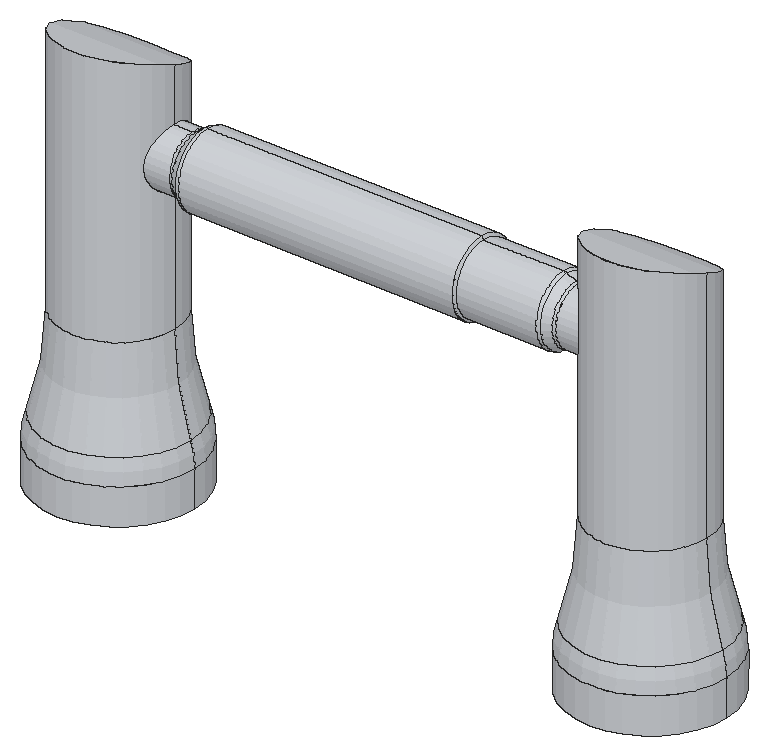
Revit family "Accessory-Tissue_Holder-KOHLER-Toobi-K-5672_1", category Specialty Equipment, host Face, Revit 2015
Parameters (values of type "CP-Polished Chrome")
  Width = 4 1/2"  # constant formula
  WaterSense Certified = 1 = 0  # no
  URL = "https://www.us.kohler.com/us/"
  Type = 1
  Product Page URL = "http://www.us.kohler.com/us/catalog/productDetails.jsp?productNumber=5672"
  Product Name = "Toobi"  # constant formula
  Product Documentation Link = "https://www.us.kohler.com/webassets/kpna/catalog/pdf/en/K-5672_spec.pdf"
  Model = if(Type = 1, "K-5672-CP", if(Type = 2, "K-5672-BN", "NA"))  # "K-5672-CP"
  Material = "Premium Metal Construction"  # constant formula
  MasterFormat 2004 = "10.28.13"  # constant formula
  MasterFormat 1995 = "10820"  # constant formula
  Manufacturer Address = "444 Highland Dr, Kohler, WI 53044"  # constant formula
  Manufacturer = "KOHLER Co."  # constant formula
  Length = 7 9/16"  # constant formula
  Height = 1 11/16"  # constant formula
  Finish = Kohler-Metal-CP-Polished_Chrome
  Environmental Product Declaration = ""
  Description = "Toilet tissue holder"  # constant formula
  Default Elevation = 42"
  Declare Label = ""
  Date Modified = "02/20/2019"  # constant formula
  Date Created = "02/20/2019"  # constant formula
  Copyright = "Copyright KOHLER Co."  # constant formula
  Contact Us = "https://www.us.kohler.com/us/static/contact.jsp"
  Assembly Code = "C1030200"
  ADA Compliant = 1 = 0  # no
Types (3): name | Type | Model | Finish
  (no name) | 1 | "K-5672-CP" | Kohler-Metal-CP-Polished_Chrome
  CP-Polished Chrome | 1 | "K-5672-CP" | Kohler-Metal-CP-Polished_Chrome
  BN-Vibrant Brushed Nickel | 2 | "K-5672-BN" | Kohler-Metal-BN-Vibrant_Brushed_Nickel
Reference planes (in)
  plane 1 "Center (Front/Back)": y = 0
  plane 2: z = 0
  plane 3 "Center (Left/Right)": x = 0
  plane 4: x = -3.78125
  plane 5: x = 3.78125
  plane 6: x = -2.9375
  plane 7: x = 2.9375
  plane 8: z = 4.5
  plane 9: y = 0.84375
  plane 10: y = -0.84375
  plane 11: x = -2.09375
  plane 12: x = -3.78125
  plane 13: x = 2.09375
  plane 14: x = 3.78125
  plane 15: z = 3.40551
Dimensions and locks (in)
  "Length": plane 4 to plane 5
  plane 7 to plane 6 = 5 7/8"
  "Width": plane 8 to level
  "Height": plane 10 to plane 9
  aligned and locked: plane 2 to host face
  aligned and locked: level to host face
Automatic sketch dimensions
  host sketch curve to host sketch curve = 96"  (x2)
Nested families (in)
  nested 1: "K-5672" at (0, 0, 0), type "K-5672"
Definition of nested family "K-5672"
  Parameters (values of type "K-5672")
    Material = none
  Reference planes (in)
    plane 1 "Center (Front/Back)": y = 0
    plane 2: z = 0
    plane 3 "Center (Left/Right)": x = 0
    plane 4: x = -3.78125
    plane 5: x = 3.78125
    plane 6: z = 4.5
    plane 7: x = -2.9375
    plane 8: x = 2.9375
    plane 9: x = -2.09375
    plane 10: z = 3.40551
  Forms (in)
    Revolve 1, solid, material <- "Material", detail levels medium+fine
      sketch origin (0, 0, 0) x (-1, 0, 0) y (0, 0, 1)
        loop
          line (-2.9375, 4.51313) -> (-3.56281, 4.51313) -> (-3.56281, 1.70212)
          arc (-3.56281, 1.70212) -> (-3.60668, 1.17414) -> (-3.7371, 0.66064) r 3.19891
          arc (-3.7371, 0.66064) -> (-3.77014, 0.53055) -> (-3.78125, 0.39679) r 0.8104
          line (-3.78125, 0.39679) -> (-3.78125, 0) -> (-2.9375, 0) -> (-2.9375, 4.51313)
        axis (-2.9375, 4.51313) -> (-2.9375, 0)
      angle from 0 to 360
    Extrusion 2, void
      sketch origin (0, 0, 0) x (0, 1, 0) y (0, 0, 1)
        loop
          line (0.83328, 3.82512) -> (0.83328, 4.57691) -> (-0.78624, 4.57691) -> (-0.78624, 4.52459)
          arc (-0.78624, 4.52459) -> (0.07311, 4.28968) -> (0.83328, 3.82512) r 3.17261
      from -3.93461 to 3.69447
    Revolve 3, solid, material <- "Material", detail levels medium+fine
      sketch origin (0, 0, 0) x (1, 0, 0) y (0, 0, 1)
        loop
          line (2.51079, 3.40551) -> (2.51079, 3.72128) -> (2.14144, 3.72128)
          arc (2.14144, 3.72128) -> (2.1248, 3.7233) -> (2.10913, 3.72924) r 0.06953
          line (2.10913, 3.72924) -> (2.01945, 3.7763)
          arc (2.01945, 3.7763) -> (1.99992, 3.7837) -> (1.97919, 3.78622) r 0.08664
          line (1.97919, 3.78622) -> (1.09243, 3.78622) -> (1.07674, 3.81339) -> (-1.9466, 3.81339)
          arc (-1.9466, 3.81339) -> (-1.96858, 3.81) -> (-1.98853, 3.80017) r 0.0731
          line (-1.98853, 3.80017) -> (-2.0738, 3.74046)
          arc (-2.0738, 3.74046) -> (-2.09386, 3.73057) -> (-2.11596, 3.72717) r 0.07351
          line (-2.11596, 3.72717) -> (-2.6219, 3.72717) -> (-2.6219, 3.40551) -> (2.51079, 3.40551)
        axis (2.51079, 3.40551) -> (-2.6219, 3.40551)
      angle from 0 to 360
    Revolve 4, solid, material <- "Material", detail levels medium+fine
      sketch origin (0, 0, 0) x (1, 0, 0) y (0, 0, 1)
        loop
          line (-2.9375, 4.51465) -> (-3.56281, 4.51465) -> (-3.56281, 1.70212)
          arc (-3.56281, 1.70212) -> (-3.60668, 1.17414) -> (-3.7371, 0.66064) r 3.19891
          arc (-3.7371, 0.66064) -> (-3.77014, 0.53055) -> (-3.78125, 0.39679) r 0.8104
          line (-3.78125, 0.39679) -> (-3.78125, 0) -> (-2.9375, 0) -> (-2.9375, 4.51465)
        axis (-2.9375, 4.51465) -> (-2.9375, 0)
      angle from 0 to 360
    Revolve 5, solid, material <- "Material", detail levels coarse
      sketch origin (0, 0, 0) x (1, 0, 0) y (0, 0, 1)
        loop
          line (-3.78125, 0) -> (-2.9375, 0) -> (-2.9375, 4.5) -> (-3.56281, 4.5) -> (-3.56281, 1.70212) -> (-3.78125, 0.5) -> (-3.78125, 0)
        axis (-2.9375, 4.5) -> (-2.9375, 0)
      angle from 0 to 360
    Revolve 6, solid, material <- "Material", detail levels coarse
      sketch origin (0, 0, 0) x (-1, 0, 0) y (0, 0, 1)
        loop
          line (-3.78125, 0) -> (-2.9375, 0) -> (-2.9375, 4.5) -> (-3.56281, 4.5) -> (-3.56281, 1.70212) -> (-3.78125, 0.5) -> (-3.78125, 0)
        axis (-2.9375, 4.5) -> (-2.9375, 0)
      angle from 0 to 360
    Revolve 7, solid, material <- "Material", detail levels coarse
      sketch origin (0, 0, 0) x (1, 0, 0) y (0, 0, 1)
        loop
          line (-2.4746, 3.40551) -> (2.5534, 3.40551) -> (2.5534, 3.78622) -> (1.09243, 3.78622) -> (1.07674, 3.81339) -> (-2.4746, 3.81339) -> (-2.4746, 3.40551)
        axis (2.5534, 3.40551) -> (-2.4746, 3.40551)
      angle from 0 to 360
    Extrusion 8, void
      sketch origin (0, 0, 0) x (0, 1, 0) y (0, 0, 1)
        loop
          circle (0, 3.40551) r 0.32679
      from 2.23024 to 2.93218
    Extrusion 9, void
      sketch origin (0, 0, 0) x (0, 1, 0) y (0, 0, -1)
        loop
          circle (0, -3.40551) r 0.32813
      from 2.23024 to 2.93218
  Cuts and joins
    Extrusion 2, Extrusion 8, Extrusion 9 cuts Revolve 1
    Extrusion 2, Extrusion 8, Extrusion 9 cuts Revolve 4
    joined: Revolve 1, Revolve 3, Revolve 4
    Extrusion 8 cuts Revolve 5
    Extrusion 9 cuts Revolve 6
    joined: Revolve 5, Revolve 6, Revolve 7
  Lines and regions (in)
    Masking region 1
      outline origin (0, 0, 0) x (1, 0, 0) y (0, 1, 0)
        loop
          arc (-3.78125, 0) -> (-3.10142, -0.82767) -> (-2.15744, -0.32159) r 0.84375
          line (-2.15744, -0.32159) -> (-2.11562, -0.32159)
          arc (-2.11562, -0.32159) -> (-2.09393, -0.32493) -> (-2.07424, -0.33464) r 0.07215
          line (-2.07424, -0.33464) -> (-1.98804, -0.39499)
          arc (-1.98804, -0.39499) -> (-1.96861, -0.40458) -> (-1.94719, -0.40787) r 0.07122
          line (-1.94719, -0.40787) -> (1.07674, -0.40787) -> (1.09243, -0.38071) -> (1.97685, -0.38071)
          arc (1.97685, -0.38071) -> (2.001, -0.37774) -> (2.0237, -0.36903) r 0.0998
          line (2.0237, -0.36903) -> (2.10901, -0.32367)
          arc (2.10901, -0.32367) -> (2.1318, -0.31634) -> (2.15573, -0.3174) r 0.06776
          arc (2.15573, -0.3174) -> (3.0992, -0.82811) -> (3.78125, 0) r 0.84375
          arc (3.78125, 0) -> (3.0992, 0.82811) -> (2.15573, 0.3174) r 0.84375
          arc (2.15573, 0.3174) -> (2.1318, 0.31634) -> (2.10901, 0.32367) r 0.06776
          line (2.10901, 0.32367) -> (2.0237, 0.36903)
          arc (2.0237, 0.36903) -> (2.001, 0.37774) -> (1.97685, 0.38071) r 0.0998
          line (1.97685, 0.38071) -> (1.09243, 0.38071) -> (1.07674, 0.40787) -> (-1.94719, 0.40787)
          arc (-1.94719, 0.40787) -> (-1.96861, 0.40458) -> (-1.98804, 0.39499) r 0.07122
          line (-1.98804, 0.39499) -> (-2.07424, 0.33464)
          arc (-2.07424, 0.33464) -> (-2.09393, 0.32493) -> (-2.11562, 0.32159) r 0.07215
          line (-2.11562, 0.32159) -> (-2.15744, 0.32159)
          arc (-2.15744, 0.32159) -> (-3.10142, 0.82767) -> (-3.78125, 0) r 0.84375
    Masking region 2
      outline origin (0, 0, 0) x (1, 0, 0) y (0, 0, 1)
        loop
          line (3.78125, 0) -> (3.78125, 0.39679)
          arc (3.78125, 0.39679) -> (3.77014, 0.53055) -> (3.7371, 0.66064) r 0.8104
          arc (3.7371, 0.66064) -> (3.60668, 1.17414) -> (3.56281, 1.70212) r 3.19891
          line (3.56281, 1.70212) -> (3.56281, 4.32018)
          spline (3.56281, 4.32018) -> (3.54312, 4.37823) -> (3.48368, 4.42502) -> (3.38613, 4.45994) -> (3.25633, 4.48312) -> (3.10289, 4.49591) -> (2.93737, 4.50002) -> (2.77195, 4.49592) -> (2.61861, 4.48307) -> (2.48868, 4.45995) -> (2.39126, 4.425) -> (2.33183, 4.37823) -> (2.31219, 4.32018)
          line (2.31219, 4.32018) -> (2.31185, 3.72128) -> (2.14144, 3.72128)
          arc (2.14144, 3.72128) -> (2.1248, 3.7233) -> (2.10913, 3.72924) r 0.06953
          line (2.10913, 3.72924) -> (2.01945, 3.7763)
          arc (2.01945, 3.7763) -> (1.99992, 3.7837) -> (1.97919, 3.78622) r 0.08664
          line (1.97919, 3.78622) -> (1.09243, 3.78622) -> (1.07674, 3.81339) -> (-1.9466, 3.81339)
          arc (-1.9466, 3.81339) -> (-1.96858, 3.81) -> (-1.98853, 3.80017) r 0.0731
          line (-1.98853, 3.80017) -> (-2.0738, 3.74046)
          arc (-2.0738, 3.74046) -> (-2.09386, 3.73057) -> (-2.11596, 3.72717) r 0.07351
          line (-2.11596, 3.72717) -> (-2.31219, 3.72717) -> (-2.31219, 4.32018)
          spline (-2.31219, 4.32018) -> (-2.33183, 4.37823) -> (-2.39126, 4.425) -> (-2.48868, 4.45995) -> (-2.61861, 4.48307) -> (-2.77195, 4.49592) -> (-2.93737, 4.50002) -> (-3.10289, 4.49591) -> (-3.25633, 4.48312) -> (-3.38613, 4.45994) -> (-3.48368, 4.42502) -> (-3.54312, 4.37823) -> (-3.56281, 4.32018)
          line (-3.56281, 4.32018) -> (-3.56281, 1.70212)
          arc (-3.56281, 1.70212) -> (-3.60668, 1.17414) -> (-3.7371, 0.66064) r 3.19891
          arc (-3.7371, 0.66064) -> (-3.77014, 0.53055) -> (-3.78125, 0.39679) r 0.8104
          line (-3.78125, 0.39679) -> (-3.78125, 0) -> (-2.9375, 0) -> (-2.09375, 0) -> (-2.09375, 0.39679)
          arc (-2.09375, 0.39679) -> (-2.10486, 0.53055) -> (-2.1379, 0.66064) r 0.8104
          arc (-2.1379, 0.66064) -> (-2.26832, 1.17414) -> (-2.31219, 1.70212) r 3.19891
          line (-2.31219, 1.70212) -> (-2.31219, 3.08386) -> (-2.11596, 3.08386)
          arc (-2.11596, 3.08386) -> (-2.09386, 3.08046) -> (-2.0738, 3.07056) r 0.07351
          line (-2.0738, 3.07056) -> (-1.98853, 3.01086)
          arc (-1.98853, 3.01086) -> (-1.96858, 3.00102) -> (-1.9466, 2.99764) r 0.0731
          line (-1.9466, 2.99764) -> (1.07674, 2.99764) -> (1.09243, 3.0248) -> (1.97919, 3.0248)
          arc (1.97919, 3.0248) -> (1.99992, 3.02732) -> (2.01945, 3.03472) r 0.08664
          line (2.01945, 3.03472) -> (2.10913, 3.08179)
          arc (2.10913, 3.08179) -> (2.1248, 3.08773) -> (2.14144, 3.08975) r 0.06953
          line (2.14144, 3.08975) -> (2.3129, 3.08975) -> (2.3129, 1.70212)
          arc (2.3129, 1.70212) -> (2.26903, 1.17414) -> (2.13861, 0.66064) r 3.19891
          arc (2.13861, 0.66064) -> (2.10557, 0.53055) -> (2.09446, 0.39679) r 0.8104
          line (2.09446, 0.39679) -> (2.09446, 0) -> (2.9375, 0) -> (3.78125, 0)
    Masking region 3
      outline origin (0, 0, 0) x (0, 1, 0) y (0, 0, 1)
        loop
          line (-0.84375, 0) -> (0.84375, 0) -> (0.84375, 0.39679)
          arc (0.84375, 0.39679) -> (0.83264, 0.53055) -> (0.7996, 0.66064) r 0.8104
          arc (0.7996, 0.66064) -> (0.66918, 1.17414) -> (0.62531, 1.70212) r 3.19891
          line (0.62531, 1.70212) -> (0.62531, 3.98266)
          arc (0.62531, 3.98266) -> (0.02791, 4.3088) -> (-0.62531, 4.5) r 3.17261
          line (-0.62531, 4.5) -> (-0.62531, 1.70212)
          arc (-0.62531, 1.70212) -> (-0.66918, 1.17414) -> (-0.7996, 0.66064) r 3.19891
          arc (-0.7996, 0.66064) -> (-0.83264, 0.53055) -> (-0.84375, 0.39679) r 0.8104
          line (-0.84375, 0.39679) -> (-0.84375, 0)
    symbolic lines, detail levels medium+fine
      curve 1: arc (-3.56281, 0, 0) -> (-2.9375, 0.62531, 0) -> (-2.31219, 0, 0) r 0.62531
      curve 2: arc (-2.31219, 0, 0) -> (-2.9375, -0.62531, 0) -> (-3.56281, 0, 0) r 0.62531
      curve 3: arc (3.56281, 0, 0) -> (2.9375, 0.62531, 0) -> (2.31219, 0, 0) r 0.62531
      curve 4: arc (2.31219, 0, 0) -> (2.9375, -0.62531, 0) -> (3.56281, 0, 0) r 0.62531
      curve 5: line (2.15573, 0.3174, 0) -> (2.39873, 0.3174, 0)
      curve 6: line (2.15573, -0.3174, 0) -> (2.39873, -0.3174, 0)
      curve 7: line (1.09243, 0.38071, 0) -> (1.09243, -0.38071, 0)
      curve 8: line (1.07674, 0.40787, 0) -> (1.07674, -0.40787, 0)
      curve 9: line (-2.15744, 0.32159, 0) -> (-2.40122, 0.32159, 0)
      curve 10: line (-2.15744, -0.32159, 0) -> (-2.40122, -0.32159, 0)
      curve 11: line (2.15573, 0.3174, 0) -> (2.15573, -0.3174, 0)
      curve 12: line (1.97685, 0.38071, 0) -> (1.97685, -0.38071, 0)
      curve 13: line (-2.15744, 0.32159, 0) -> (-2.15744, -0.32159, 0)
      curve 14: line (-1.94719, 0.40787, 0) -> (-1.94719, -0.40787, 0)
      curve 15: line (2.31219, 0, 4.32293) -> (3.56281, 0, 4.32293)
      curve 16: line (-2.31219, 0, 3.72717) -> (-2.31219, 0, 3.08386)
      curve 17: line (2.31219, 0, 3.08975) -> (2.31219, 0, 3.72128)
      curve 18: line (1.07674, 0, 2.99764) -> (1.07674, 0, 3.81339)
      curve 19: line (1.09243, 0, 3.0248) -> (1.09243, 0, 3.78622)
      curve 20: line (-2.31219, 0, 4.32293) -> (-3.56281, 0, 4.32293)
      curve 21: line (-2.11596, 0, 3.72717) -> (-2.11596, 0, 3.08386)
      curve 22: line (-1.9466, 0, 3.81339) -> (-1.9466, 0, 2.99764)
      curve 23: line (1.97919, 0, 3.78622) -> (1.97919, 0, 3.0248)
      curve 24: line (2.14144, 0, 3.72128) -> (2.14144, 0, 3.08975)
      curve 25: line (3.78125, 0, 0.39679) -> (2.09446, 0, 0.39679)
      curve 26: line (-2.09375, 0, 0.39679) -> (-3.78125, 0, 0.39679)
      curve 27: line (0, -0.84375, 0.39679) -> (0, 0.84375, 0.39679)
  Dimensions and locks (in)
    plane 3 "Center (Left/Right)" to plane 4 = 3 25/32"
    plane 6 to level = 4 1/2"  (x2)
    plane 8 to plane 7 = 5 7/8"
    plane 4 to plane 9 = 1 11/16"
    Revolve 1 sketch curve to Revolve 1 sketch curve = 27/32"
    Revolve 4 sketch curve to Revolve 4 sketch curve = 27/32"
    aligned and locked: plane 2 to level
